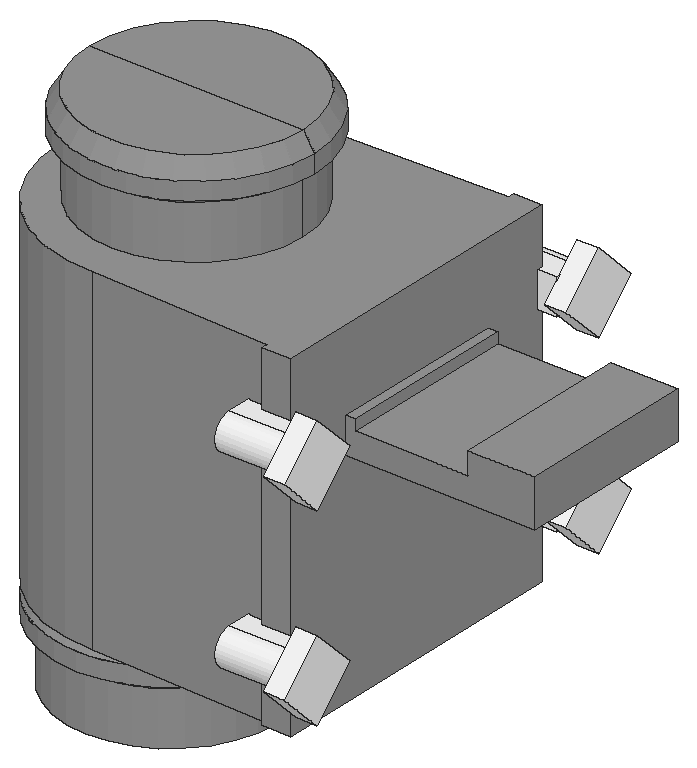
Revit family "HL_RU_Vertical anti-flooding valve_HL710.1V-A-171212", category Příslušenství trubek, Revit 2021
Family settings
  Kóta kulaté spojky = Použít průměr
  Typ dílu = Normální
  Číslo OmniClass = 23.65.55.14.21
  Nadpis OmniClass = Non-Return Valves for Liquid Services
  Založené na pracovní rovině = Ne
  Vždy vertikální = Ano
  Ořezat dutým tvarem při načtení = Ne
  Sdílené = Ne
Parameters (values of type "HL_Канализационный затвор_HL710.1V")
  РАЗМЕР = "DN110"
  ПРОПУСКНАЯ СПОСОБНОСТЬ [instance] = 0.0 m³/h
  ПРАВОВАЯ ИНФОРМАЦИЯ = "\"Авторские права(©), права на дизайн или какие либо другие права интелектуальной собственности являются исключительной собственностью компании HL Hutterer & Lechner. Изменению не подлежит. Файл семейства с данными о прозводителе изделия защищен паролем с водяным знаком.\""
  ПАДЕНИЕ ДАВЛЕНИЯ [instance] = 0.0 Pa
  НОМИНАЛЬНЫЙ ДИАМЕТР 2 = 110 mm
  НОМИНАЛЬНЫЙ ДИАМЕТР = 110 mm
  МАТЕРИАЛ = "ABS"
  ВЫСОТА МОНТАЖА = "320 mm"
  ВЕС = "1,747 kg"
  Výrobce = "HL Hutterer & Lechner GmbH"
  Výchozí výška = 0 mm
  URL = "http://www.hutterer-lechner.com/ru/products/catalog/roof-drains/HL710.1V.aspx"
  Popis = "Механический канализационный затвор"
  Model = "HL710.1V"
  Komentáře k typům = "Канализационный затвор DN110 вертикальный с заслонкой из нержавеющей стали с поплавком и ручным затвором."
  Keynote = "HL710.1V"
  EAN = "9003076032907"
  Cena = 0
Types (2, lengths in mm): name | URL | Popis | Komentáře k typům
  (no name) | "http://www.hutterer-lechner.com/en/products/catalog/roof-drains/HL710.1V.aspx" | "Anti flood valves" | "Antiflooding valve DN110 vertical, stainless steel valve with floting body and manual closure."
  HL_Канализационный затвор_HL710.1V | "http://www.hutterer-lechner.com/ru/products/catalog/roof-drains/HL710.1V.aspx" | "Механический канализационный затвор" | "Канализационный затвор DN110 вертикальный с заслонкой из нержавеющей стали с поплавком и ручным затвором."
Values of the unnamed type that differ from the named types
  ПРАВОВАЯ ИНФОРМАЦИЯ = "\"Copyright (©), design rights or any other intellectual property rights, shall be the exclusive property of HL Hutterer & Lechner GmbH. Modification is not allowed. Family has been watermarked.\""
Reference planes
  plane 1 "Střed (vpředu/vzadu)": y = 0
  plane 2: z = 0
  plane 3 "Střed (vlevo/vpravo)": x = 0
Forms (mm)
  Sweep 1, solid, material "Plastic - Orange", detail levels fine
    path origin (123.14, 0, -99.781) x (0, 0, -1) y (0, 1, 0)
      loop
        line (94.75, 0) -> (-94.75, 0)
    profile origin (123.14, 0, -99.781) x (0, -1, 0) y (1, 0, 0)
      loop
        line (0, 0) -> (-88.191, 0) -> (-88.191, -16) -> (-85.007, -16) -> (-81.517, -115.939)
        arc (-81.517, -115.939) -> (-58.546, -174.931) -> (0, -199.017) r 80.412
        arc (0, -199.017) -> (58.546, -174.931) -> (81.517, -115.939) r 80.412
        line (81.517, -115.939) -> (85.007, -16) -> (88.191, -16) -> (88.191, 0) -> (0, 0)
  Extrusion 2, solid, material "Plactic - White", detail levels fine
    sketch origin (123.14, 0, -99.781) x (0, 0, -1) y (0, 1, 0)
      loop
        line (54, -121.127) -> (76.627, -98.5) -> (54, -75.873) -> (31.373, -98.5) -> (54, -121.127)
    from 11.235 to 23.235
  Extrusion 3, solid, material "Plactic - White", detail levels fine
    sketch origin (134.375, 0, -99.781) x (0, 0, 1) y (0, 1, 0)
      loop
        arc (-64, -98.5) -> (-54, -108.5) -> (-44, -98.5) r 10
        line (-44, -98.5) -> (-44, -84.694) -> (-64, -84.694) -> (-64, -98.5)
    from 0 to 37.235
  Extrusion 4, solid, material "Plactic - White", detail levels fine
    sketch origin (123.14, 0, 8.219) x (0, 0, -1) y (0, 1, 0)
      loop
        line (54, -121.127) -> (76.627, -98.5) -> (54, -75.873) -> (31.373, -98.5) -> (54, -121.127)
    from 11.235 to 23.235
  Extrusion 5, solid, material "Plactic - White", detail levels fine
    sketch origin (134.375, 0, 8.219) x (0, 0, 1) y (0, 1, 0)
      loop
        arc (-64, -98.5) -> (-54, -108.5) -> (-44, -98.5) r 10
        line (-44, -98.5) -> (-44, -84.694) -> (-64, -84.694) -> (-64, -98.5)
    from 0 to 37.235
  Extrusion 6, solid, material "Plactic - White", detail levels fine
    sketch origin (123.14, 0, -99.781) x (0, 0, -1) y (0, 1, 0)
      loop
        line (54, 121.127) -> (31.373, 98.5) -> (54, 75.873) -> (76.627, 98.5) -> (54, 121.127)
    from 11.235 to 23.235
  Extrusion 7, solid, material "Plactic - White", detail levels fine
    sketch origin (134.375, 0, -99.781) x (0, 0, 1) y (0, 1, 0)
      loop
        line (-64, 98.5) -> (-64, 84.694) -> (-44, 84.694) -> (-44, 98.5)
        arc (-44, 98.5) -> (-54, 108.5) -> (-64, 98.5) r 10
    from 0 to 37.235
  Extrusion 8, solid, material "Plactic - White", detail levels fine
    sketch origin (123.14, 0, 8.219) x (0, 0, -1) y (0, 1, 0)
      loop
        line (54, 121.127) -> (31.373, 98.5) -> (54, 75.873) -> (76.627, 98.5) -> (54, 121.127)
    from 11.235 to 23.235
  Extrusion 9, solid, material "Plactic - White", detail levels fine
    sketch origin (134.375, 0, 8.219) x (0, 0, 1) y (0, 1, 0)
      loop
        line (-64, 98.5) -> (-64, 84.694) -> (-44, 84.694) -> (-44, 98.5)
        arc (-44, 98.5) -> (-54, 108.5) -> (-64, 98.5) r 10
    from 0 to 37.235
  Sweep 10, solid, material "Plastic - Orange", not visible, detail levels fine
    path origin (123.14, 0, -99.781) x (0, 0, -1) y (1, 0, 0)
      loop
        line (154.383, -137.5) -> (94.75, -137.5)
    profile origin (-14.36, 0, -224.347) x (-1, 0, 0) y (0, -1, 0)
      loop
        circle (0, 0) r 55
  Revolve 11, solid, material "Plastic - Orange", detail levels fine
    sketch origin (123.14, 0, -99.781) x (0, 0, -1) y (1, 0, 0)
      loop
        line (-149.117, -123.14) -> (-94.75, -123.14) -> (-94.75, -63.685) -> (-124.977, -63.685) -> (-129.134, -56.965) -> (-139.134, -56.965) -> (-149.117, -63.14) -> (-149.117, -123.14)
      axis (-94.75, -123.14) -> (-149.117, -123.14)
    angle from 0 to 360
  Extrusion 12, solid, material "Plastic - Red", detail levels fine
    sketch origin (123.14, 0.031, -102.383) x (0, 0, -1) y (1, 0, 0)
      loop
        line (-32.383, 106.5) -> (-58.883, 106.5) -> (-58.883, 69) -> (-46.383, 69) -> (-46.383, 5.902) -> (-52.472, 5.902) -> (-52.472, 0) -> (-32.383, 0) -> (-32.383, 106.5)
    from -50 to 50
  Revolve 13, solid, material "Plastic - Orange", detail levels fine
    sketch origin (108.78, 0, -348.914) x (0, 0, -1) y (1, 0, 0)
      loop
        line (-154.383, -123.14) -> (-94.75, -123.14) -> (-94.75, -63.685) -> (-124.977, -63.685) -> (-129.134, -56.965) -> (-139.134, -56.965) -> (-149.117, -63.14) -> (-149.117, -68.14) -> (-154.383, -68.14) -> (-154.383, -123.14)
      axis (-94.75, -123.14) -> (-154.383, -123.14)
    angle from 0 to 360
Lines and regions (mm)
  model lines, style "Symbol", detail levels coarse+medium
    curve 1: line (0, 0, 0) -> (-13.319, 0, -254.133)
    curve 2: line (-66.659, 0, -252.066) -> (53.341, 0, -252.066)
    curve 3: line (-66.659, 0, -252.066) -> (-66.659, 0, -2.066)
    curve 4: line (-66.659, 0, -2.066) -> (53.341, 0, -2.066)
    curve 23: line (53.341, 0, -252.066) -> (53.341, 0, -2.066)
  symbolic lines
    curve 5: line (0, 0, -254.164) -> (0, 0, 0)
  symbolic lines, detail levels coarse+medium
    curve 6: line (0, 60, -252.082) -> (0, 60, -2.082)
    curve 7: line (0, 60, -252.082) -> (0, -60, -252.082)
    curve 8: line (0, 60, -2.082) -> (0, -60, -2.082)
    curve 9: line (0, -60, -252.082) -> (0, -60, -2.082)
    curve 10: line (300, 155, 0) -> (300, -155, 0)
    curve 11: line (300, -125, 0) -> (240, -125, 0)
    curve 12: line (300, -125, 0) -> (360, -125, 0)
    curve 13: line (240, -125, 0) -> (240, 125, 0)
    curve 14: line (300, 125, 0) -> (240, 125, 0)
    curve 15: line (300, 125, 0) -> (360, 125, 0)
    curve 16: line (360, 125, 0) -> (360, -125, 0)
    curve 17: line (186.933, 0, 0) -> (0, 0, 0)
    curve 18: line (300, 0, 0) -> (405, 0, 0)
    curve 19: line (300, 0, 0) -> (186.933, 0, 0)
    curve 20: line (0, 105, -127.082) -> (0, -105, -127.082)
  model lines, detail levels coarse+medium
    curve 21: line (-6.659, 0, -127.066) -> (98.341, 0, -127.066)
    curve 22: line (-111.659, 0, -127.066) -> (-6.659, 0, -127.066)
Dimensions and locks
  aligned and locked: level to plane 2
Connectors
  piping at (0, 0, 0), diameter 110, driven by "ПАДЕНИЕ ДАВЛЕНИЯ", driven by "НОМИНАЛЬНЫЙ ДИАМЕТР", driven by "ПРОПУСКНАЯ СПОСОБНОСТЬ"
    settings: on plane 2, index 1, connector inside diameter 609.6 mm, connector length 0 mm, flow factor 0, pipe flow 0.0 m³/h, pressure drop 0.0 Pa, fitting loss kfactor 0, connector angle 0.00°, fixture units 0, engagement length 0 mm, angle of deflection 0.00°, flow configuration 0, flow direction 0, fitting loss method 4, system type 16, joint type 0, gender type 0, connector reference index -1, connector utility 0, adjustable connector no, is connector primary yes, connector description ""
  piping at (-14.36, 0, -254.164), diameter 110, driven by "НОМИНАЛЬНЫЙ ДИАМЕТР 2", driven by "ПРОПУСКНАЯ СПОСОБНОСТЬ"
    settings: on Sweep 10, index 2, connector inside diameter 609.6 mm, connector length 0 mm, flow factor 0, pipe flow 0.0 m³/h, pressure drop 0.0 Pa, fitting loss kfactor 0, connector angle 0.00°, fixture units 0, engagement length 0 mm, angle of deflection 0.00°, flow configuration 1, flow direction 2, fitting loss method 4, system type 16, joint type 0, gender type 0, connector reference index -1, connector utility 0, adjustable connector no, is connector primary no, connector description ""
